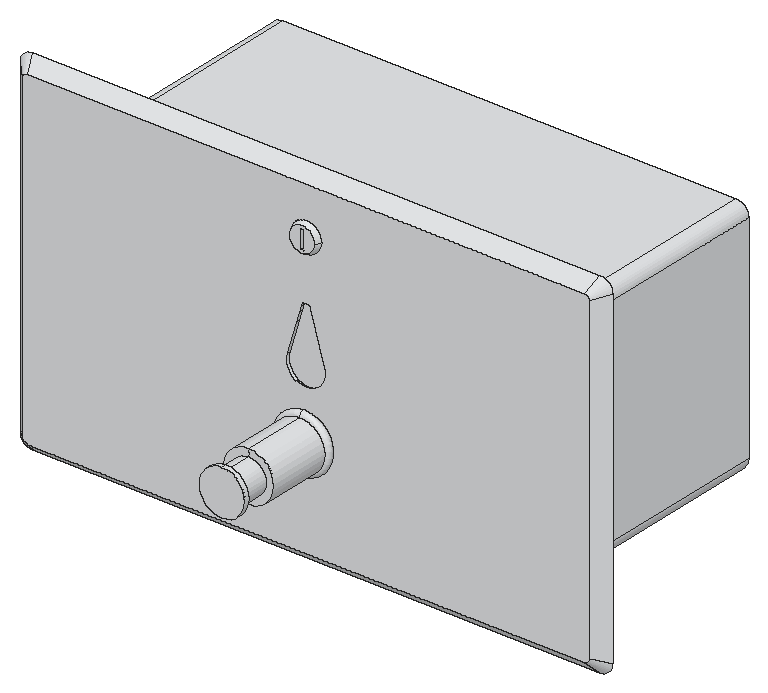
Revit family "DSDR0147_revit", category Generic Models, Revit 2017
Family settings
  Can host rebar = No
  Round Connector Dimension = Use Diameter
  Part Type = Normal
  Work Plane-Based = No
  Always vertical = Yes
  Cut with Voids When Loaded = No
  Shared = No
  Room Calculation Point = No
Parameters
  Website = "https://dolphy.in/"  # constant formula
  Material and Finish = Dolphy_CHROME
  Length = 360 mm
  Contact number = "+91 9520202035"  # constant formula
  Contact email = "info@dolphy.in"  # constant formula
  Company name = "Dolphy India"  # constant formula
Reference planes
  plane 1 "Center (Front/Back)": y = 0
  plane 2: z = 0
  plane 3 "Center (Left/Right)": x = 0
  plane 4 "1st": z = -26
  plane 5 "2ND": y = -137
Forms (mm)
  Extrusion 1, solid, material "Dolphy_CHROME" <- "Material and Finish"
    sketch origin (0, 0, 0) x (1, 0, 0) y (0, 0, 1)
      loop
        arc (-91, 48.5) -> (-94.536, 47.036) -> (-96, 43.5) r 5
        line (-96, 43.5) -> (-96, -43.5)
        arc (-96, -43.5) -> (-94.536, -47.036) -> (-91, -48.5) r 5
        line (-91, -48.5) -> (91, -48.5)
        arc (91, -48.5) -> (94.536, -47.036) -> (96, -43.5) r 5
        line (96, -43.5) -> (96, 43.5)
        arc (96, 43.5) -> (94.536, 47.036) -> (91, 48.5) r 5
        line (91, 48.5) -> (-91, 48.5)
      loop
        arc (-91, 46) -> (-92.768, 45.268) -> (-93.5, 43.5) r 2.5
        line (-93.5, 43.5) -> (-93.5, -43.5)
        arc (-93.5, -43.5) -> (-92.768, -45.268) -> (-91, -46) r 2.5
        line (-91, -46) -> (91, -46)
        arc (91, -46) -> (92.768, -45.268) -> (93.5, -43.5) r 2.5
        line (93.5, -43.5) -> (93.5, 43.5)
        arc (93.5, 43.5) -> (92.768, 45.268) -> (91, 46) r 2.5
        line (91, 46) -> (-91, 46)
    from 0 to 97
  Blend 2, solid, material "Dolphy_CHROME" <- "Material and Finish"
    base sketch origin (0, -97, 0) x (1, 0, 0) y (0, 0, 1)
      loop
        arc (-114, 71.5) -> (-117.536, 70.036) -> (-119, 66.5) r 5
        line (-119, 66.5) -> (-119, -66.5)
        arc (-119, -66.5) -> (-117.536, -70.036) -> (-114, -71.5) r 5
        line (-114, -71.5) -> (114, -71.5)
        arc (114, -71.5) -> (117.536, -70.036) -> (119, -66.5) r 5
        line (119, -66.5) -> (119, 66.5)
        arc (119, 66.5) -> (117.536, 70.036) -> (114, 71.5) r 5
        line (114, 71.5) -> (-114, 71.5)
    top sketch origin (0, -97, 0) x (1, 0, 0) y (0, 0, 1)
      loop
        arc (-112, 66.5) -> (-113.414, 65.914) -> (-114, 64.5) r 2
        line (-114, 64.5) -> (-114, -64.5)
        arc (-114, -64.5) -> (-113.414, -65.914) -> (-112, -66.5) r 2
        line (-112, -66.5) -> (112, -66.5)
        arc (112, -66.5) -> (113.414, -65.914) -> (114, -64.5) r 2
        line (114, -64.5) -> (114, 64.5)
        arc (114, 64.5) -> (113.414, 65.914) -> (112, 66.5) r 2
        line (112, 66.5) -> (-112, 66.5)
    from 0 to 5
  Extrusion 3, solid, material "Dolphy_CHROME" <- "Material and Finish"
    sketch origin (0, 0, 0) x (-1, 0, 0) y (0, 0, 1)
      loop
        arc (-91, 46) -> (-92.768, 45.268) -> (-93.5, 43.5) r 2.5
        line (-93.5, 43.5) -> (-93.5, -43.5)
        arc (-93.5, -43.5) -> (-92.768, -45.268) -> (-91, -46) r 2.5
        line (-91, -46) -> (91, -46)
        arc (91, -46) -> (92.768, -45.268) -> (93.5, -43.5) r 2.5
        line (93.5, -43.5) -> (93.5, 43.5)
        arc (93.5, 43.5) -> (92.768, 45.268) -> (91, 46) r 2.5
        line (91, 46) -> (-91, 46)
    from 0 to -1
  Revolve 4, solid, material "Dolphy_CHROME" <- "Material and Finish"
    sketch origin (0, 0, 0) x (0, 1, 0) y (0, 0, 1)
      loop
        line (-102, -26) -> (-102, -16)
        arc (-102, -16) -> (-103.685, -14.315) -> (-105.37, -16) r 1.685
        line (-105.37, -16) -> (-130.967, -16) -> (-130.967, -26) -> (-102, -26)
      axis (-130.967, -26) -> (-102, -26)
    angle from 0 to 360
  Extrusion 5, solid, material "Dolphy_CHROME" <- "Material and Finish"
    sketch origin (0, -130.967, -26) x (0, 0, 1) y (-1, 0, 0)
      loop
        circle (0, 0) r 7
    from 0 to 11.391
  Extrusion 6, solid, material "Dolphy_CHROME" <- "Material and Finish"
    sketch origin (0, -142.358, -26) x (0, 0, 1) y (-1, 0, 0)
      loop
        circle (0, 0) r 9.088
    from 0 to 2
  Revolve 7, solid, material "Dolphy_CHROME" <- "Material and Finish"
    sketch origin (0, 0, 0) x (0, 1, 0) y (0, 0, 1)
      loop
        line (-136.606, -29.56) -> (-136.606, -35.426) -> (-135.82, -35.426) -> (-135.82, -29.56) -> (-136.606, -29.56)
      axis (-137, -29.56) -> (-137, -35.426)
    angle from 0 to 360
  Extrusion 8, void
    sketch origin (0, -102, 0) x (-1, 0, 0) y (0, 0, 1)
      loop
        arc (1.943, 22.191) -> (0, 23.653) -> (-1.943, 22.191) r 2.022
        line (-1.943, 22.191) -> (-7.43, 3.054)
        arc (-7.43, 3.054) -> (0.015, -6.825) -> (7.459, 3.054) r 7.744
        line (7.459, 3.054) -> (1.943, 22.191)
    from 0 to 1
  Blend 9, solid, material "Dolphy_CHROME" <- "Material and Finish"
    base sketch origin (0, -102, 0) x (1, 0, 0) y (0, 0, 1)
      loop
        circle (0, 47.481) r 6
    top sketch origin (0, -102, 0) x (1, 0, 0) y (0, 0, 1)
      loop
        circle (0, 47.481) r 5
    from 0 to 2
  Extrusion 10, void
    sketch origin (0, -104, 0) x (-1, 0, 0) y (0, 0, 1)
      loop
        line (0.707, 51.331) -> (-0.639, 51.331) -> (-0.639, 43.697) -> (0.707, 43.697) -> (0.707, 51.331)
    from 0 to 1
Cuts and joins
  Extrusion 8, Extrusion 10 cuts Extrusion 1
  Extrusion 8, Extrusion 10 cuts Blend 2
  Extrusion 8, Extrusion 10 cuts Extrusion 3
  Extrusion 10 cuts Blend 9
  joined: Extrusion 1, Blend 2, Extrusion 3, Revolve 4, Extrusion 5, Extrusion 6, Revolve 7, Blend 9
Dimensions and locks
  Extrusion 1 sketch curve to Extrusion 1 sketch curve = 97 mm
  Extrusion 1 sketch curve to Extrusion 1 sketch curve = 192 mm
  Blend 2 sketch curve to Blend 2 sketch curve = 238 mm
  Blend 2 sketch curve to Blend 2 sketch curve = 143 mm
  aligned and locked: level to plane 2
